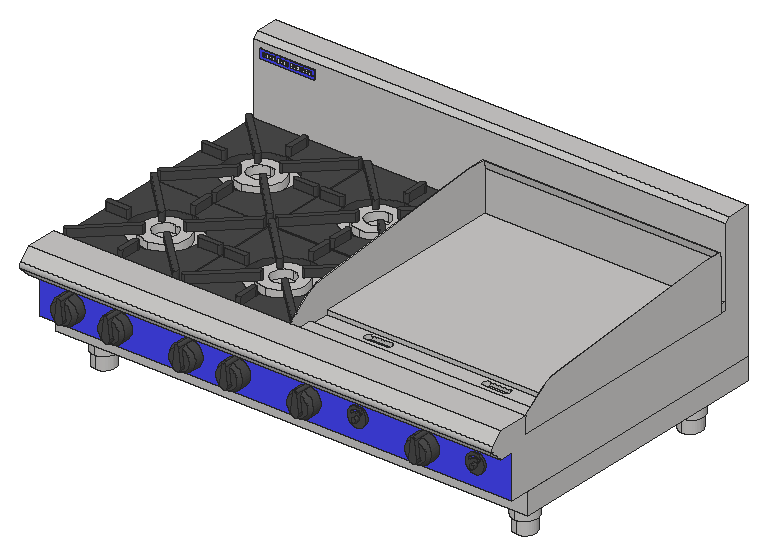
Revit family "QF_MOFFAT_BLUESEAL_CE_G518B-B", category Specialty Equipment, Revit 2012
Parameters
  Width = 1200 mm  # constant formula
  Weight in Pounds = 347  # constant formula
  URL Cutsheet = "www.moffat.com"
  URL = "www.moffat.com"
  Type Mark [instance] = ""
  Status [instance] = ""
  Specification by User [instance] = ""
  Specification by Manufacturer = ""
  Show Logo [instance] = yes
  Serial Number = ""
  Seismic Rating = ""
  SMACNA No = ""
  Revision Code [instance] = ""
  Omniclass Number and Title = ""
  NAFEM Spec ID Number = ""
  Model = "G518B-B"
  Mechanical Remarks [instance] = ""
  Mechanical Connection Type [instance] = ""
  Masterspec = ""
  Manufacturer = "MOFFAT BLUESEAL"
  Item Number [instance] = ""
  Installed By [instance] = ""
  Identify Quantity as Lot [instance] = yes
  Height = 485 mm  # constant formula
  Gas Size = 3/4"
  Gas RI Height [instance] = 0 mm
  Gas KW [instance] = 42.2
  Gas Input [instance] = 144068.0 Btu/h
  Gas Connection Height = 0 mm
  Furnished By [instance] = ""
  Foodservice Equipment Identifier [instance] = yes
  Description = "1200MM GAS COOK TOP BENCH MOUNT"
  Depth = 812 mm  # constant formula
  CSI MasterFormat = ""
  CSI Master Format = ""
Reference planes
  plane 1 "BACK": y = 0
  plane 2: z = 0
  plane 3 "LEFT": x = 0
  plane 4 "RIGHT": x = 1200
  plane 5 "FRONT": y = -812
  plane 6 "TOP": z = 370
  plane 7 "Center Y": x = 600
  plane 8 "Center X": y = -406
  plane 9: z = 485
  plane 10: z = 315
Forms (mm)
  Revolve 1, solid, material "QF_Finishes_Stainless Steel"
    sketch origin (65.5, -728, 0) x (0, 1, 0) y (0, 0, 1)
      loop
        line (71.25, 85) -> (71.25, 35) -> (75.5, 35) -> (75.5, 0) -> (103, 0) -> (103, 85) -> (71.25, 85)
      axis (103, 85) -> (103, 0)
    angle from 0 to 360
  Revolve 2, solid, material "QF_Finishes_Stainless Steel"
    sketch origin (65.5, -210, 0) x (0, 1, 0) y (0, 0, 1)
      loop
        line (78.25, 85) -> (78.25, 35) -> (82.5, 35) -> (82.5, 0) -> (110, 0) -> (110, 85) -> (78.25, 85)
      axis (110, 85) -> (110, 0)
    angle from 0 to 360
  Extrusion 3, solid, material "QF_Finishes_Stainless Steel"
    sketch origin (405, 3, -500) x (1, 0, 0) y (0, 1, 0)
      loop
        circle (665, -35) r 13.5
    from 555 to 585
  Revolve 4, solid, material "QF_Finishes_Black"
    sketch origin (89.999, 7, -0.127) x (0, 1, 0) y (0, 0, -1)
      loop
        line (-789, -229.5) -> (-766, -229.5) -> (-766, -202) -> (-756, -202) -> (-756, -197) -> (-800, -197) -> (-800, -223.651) -> (-789, -229.5)
      axis (-800, -197) -> (-756, -197)
    angle from 0 to 360
  Extrusion 5, solid, material "QF_Finishes_Black"
    sketch origin (228.269, 7, 0.031) x (-1, 0, 0) y (0, 0, -1)
      loop
        line (127.85, -186.163) -> (133.27, -229.082)
        arc (133.27, -229.082) -> (138.269, -233.969) -> (143.267, -229.082) r 5
        line (143.267, -229.082) -> (148.756, -184.996)
        arc (148.756, -184.996) -> (137.684, -174.498) -> (127.85, -186.163) r 10.487
    from 759 to 808
  Extrusion 6, solid, material "QF_Finishes_Stainless Steel"
    sketch origin (0, 0, 0) x (0, 1, 0) y (0, 0, 1)
      loop
        line (-784.97, 250) -> (-749, 250) -> (-749, 140) -> (0, 140) -> (0, 485) -> (-57.5, 485) -> (-70, 472.5) -> (-70, 275) -> (-705, 275) -> (-705, 315) -> (-783.97, 315) -> (-808.498, 290.472)
        arc (-808.498, 290.472) -> (-812.007, 282) -> (-808.498, 273.528) r 11.982
        line (-808.498, 273.528) -> (-784.97, 250)
      loop
        line (0, 85) -> (0, 139.206) -> (-699, 139.206) -> (-699, 85) -> (0, 85)
    from 0 to 1200
  Revolve 7, solid, material "QF_Finishes_Black"
    sketch origin (210, 7, 0) x (0, 1, 0) y (0, 0, -1)
      loop
        line (-789, -229.5) -> (-766, -229.5) -> (-766, -202) -> (-756, -202) -> (-756, -197) -> (-800, -197) -> (-800, -223.651) -> (-789, -229.5)
      axis (-800, -197) -> (-756, -197)
    angle from 0 to 360
  Extrusion 8, solid, material "QF_Finishes_Black"
    sketch origin (348.27, 7, 0.158) x (-1, 0, 0) y (0, 0, -1)
      loop
        line (127.85, -186.163) -> (133.27, -229.082)
        arc (133.27, -229.082) -> (138.269, -233.969) -> (143.267, -229.082) r 5
        line (143.267, -229.082) -> (148.756, -184.996)
        arc (148.756, -184.996) -> (137.684, -174.498) -> (127.85, -186.163) r 10.487
    from 759 to 808
  Revolve 9, solid, material "QF_Finishes_Stainless Steel"
    sketch origin (1134.5, -728, 0) x (0, 1, 0) y (0, 0, -1)
      loop
        line (71.25, -85) -> (103, -85) -> (103, 0) -> (75.5, 0) -> (75.5, -35) -> (71.25, -35) -> (71.25, -85)
      axis (103, -85) -> (103, 0)
    angle from 0 to 360
  Revolve 10, solid, material "QF_Finishes_Stainless Steel"
    sketch origin (1134.5, -210, 0) x (0, 1, 0) y (0, 0, -1)
      loop
        line (78.25, -85) -> (110, -85) -> (110, 0) -> (82.5, 0) -> (82.5, -35) -> (78.25, -35) -> (78.25, -85)
      axis (110, -85) -> (110, 0)
    angle from 0 to 360
  Revolve 11, solid, material "QF_Finishes_Black"
    sketch origin (389.999, 7, -0.127) x (0, 1, 0) y (0, 0, -1)
      loop
        line (-789, -229.5) -> (-766, -229.5) -> (-766, -202) -> (-756, -202) -> (-756, -197) -> (-800, -197) -> (-800, -223.651) -> (-789, -229.5)
      axis (-800, -197) -> (-756, -197)
    angle from 0 to 360
  Extrusion 12, solid, material "QF_Finishes_Black"
    sketch origin (528.269, 7, 0.031) x (-1, 0, 0) y (0, 0, -1)
      loop
        line (127.85, -186.163) -> (133.27, -229.082)
        arc (133.27, -229.082) -> (138.269, -233.969) -> (143.267, -229.082) r 5
        line (143.267, -229.082) -> (148.756, -184.996)
        arc (148.756, -184.996) -> (137.684, -174.498) -> (127.85, -186.163) r 10.487
    from 759 to 808
  Revolve 13, solid, material "QF_Finishes_Black"
    sketch origin (689.999, 7, -0.127) x (0, 1, 0) y (0, 0, -1)
      loop
        line (-789, -229.5) -> (-766, -229.5) -> (-766, -202) -> (-756, -202) -> (-756, -197) -> (-800, -197) -> (-800, -223.651) -> (-789, -229.5)
      axis (-800, -197) -> (-756, -197)
    angle from 0 to 360
  Extrusion 14, solid, material "QF_Finishes_Black"
    sketch origin (828.269, 7, 0.031) x (-1, 0, 0) y (0, 0, -1)
      loop
        line (127.85, -186.163) -> (133.27, -229.082)
        arc (133.27, -229.082) -> (138.269, -233.969) -> (143.267, -229.082) r 5
        line (143.267, -229.082) -> (148.756, -184.996)
        arc (148.756, -184.996) -> (137.684, -174.498) -> (127.85, -186.163) r 10.487
    from 759 to 808
  Revolve 15, solid, material "QF_Finishes_Black"
    sketch origin (989.999, 7, -0.127) x (0, 1, 0) y (0, 0, -1)
      loop
        line (-789, -229.5) -> (-766, -229.5) -> (-766, -202) -> (-756, -202) -> (-756, -197) -> (-800, -197) -> (-800, -223.651) -> (-789, -229.5)
      axis (-800, -197) -> (-756, -197)
    angle from 0 to 360
  Extrusion 16, solid, material "QF_Finishes_Black"
    sketch origin (1128.269, 7, 0.031) x (-1, 0, 0) y (0, 0, -1)
      loop
        line (127.85, -186.163) -> (133.27, -229.082)
        arc (133.27, -229.082) -> (138.269, -233.969) -> (143.267, -229.082) r 5
        line (143.267, -229.082) -> (148.756, -184.996)
        arc (148.756, -184.996) -> (137.684, -174.498) -> (127.85, -186.163) r 10.487
    from 759 to 808
  Extrusion 17, solid, material "QF_Finishes_Black"
    sketch origin (0, -749, 266) x (0, 0, -1) y (1, 0, 0)
      loop
        circle (69, 810) r 23.9
      loop
        arc (61.641, 818.419) -> (62.501, 823.219) -> (57.701, 824.079) r 3.448
        arc (57.701, 824.079) -> (51.116, 809.341) -> (58.919, 795.209) r 18.095
        arc (58.919, 795.209) -> (63.641, 796.491) -> (62.326, 801.204) r 3.448
        arc (62.326, 801.204) -> (58.758, 809.683) -> (61.641, 818.419) r 13.109
      loop
        circle (69, 1110) r 23.9
      loop
        arc (61.641, 1118.419) -> (62.501, 1123.219) -> (57.701, 1124.079) r 3.448
        arc (57.701, 1124.079) -> (51.116, 1109.341) -> (58.919, 1095.209) r 18.095
        arc (58.919, 1095.209) -> (63.641, 1096.491) -> (62.326, 1101.204) r 3.448
        arc (62.326, 1101.204) -> (58.758, 1109.683) -> (61.641, 1118.419) r 13.109
    from 0 to 5
  Extrusion 18, solid, material "QF_Finishes_Black"
    sketch origin (0, -754, 266) x (0, 0, -1) y (1, 0, 0)
      loop
        circle (72.5, 1110) r 5.75
      loop
        circle (72.5, 810) r 5.75
    from 0 to 10
  Revolve 19, solid, material "QF_Finishes_Black"
    sketch origin (510, 7, 0) x (0, 1, 0) y (0, 0, -1)
      loop
        line (-789, -229.5) -> (-766, -229.5) -> (-766, -202) -> (-756, -202) -> (-756, -197) -> (-800, -197) -> (-800, -223.651) -> (-789, -229.5)
      axis (-800, -197) -> (-756, -197)
    angle from 0 to 360
  Extrusion 20, solid, material "QF_Finishes_Black"
    sketch origin (648.27, 7, 0.158) x (-1, 0, 0) y (0, 0, -1)
      loop
        line (127.85, -186.163) -> (133.27, -229.082)
        arc (133.27, -229.082) -> (138.269, -233.969) -> (143.267, -229.082) r 5
        line (143.267, -229.082) -> (148.756, -184.996)
        arc (148.756, -184.996) -> (137.684, -174.498) -> (127.85, -186.163) r 10.487
    from 759 to 808
Lines and regions (mm)
  Split face 1
    outline origin (0, 0, 485) x (0, -1, 0) y (1, 0, 0)
      loop
        arc (18.185, 32.794) -> (23.185, 24.134) -> (33.185, 24.134) r 10
        line (33.185, 24.134) -> (40.185, 28.176)
        arc (40.185, 28.176) -> (43.845, 31.836) -> (45.185, 36.836) r 10
        line (45.185, 36.836) -> (45.185, 264.794)
        arc (45.185, 264.794) -> (40.185, 273.455) -> (30.185, 273.455) r 10
        line (30.185, 273.455) -> (23.185, 269.413)
        arc (23.185, 269.413) -> (19.525, 265.753) -> (18.185, 260.753) r 10
        line (18.185, 260.753) -> (18.185, 32.794)
  Split face 2
    outline origin (0, 0, 485) x (0, -1, 0) y (1, 0, 0)
      loop
        arc (18.185, 332.794) -> (23.185, 324.134) -> (33.185, 324.134) r 10
        line (33.185, 324.134) -> (40.185, 328.176)
        arc (40.185, 328.176) -> (43.845, 331.836) -> (45.185, 336.836) r 10
        line (45.185, 336.836) -> (45.185, 564.794)
        arc (45.185, 564.794) -> (40.185, 573.455) -> (30.185, 573.455) r 10
        line (30.185, 573.455) -> (23.185, 569.413)
        arc (23.185, 569.413) -> (19.525, 565.753) -> (18.185, 560.753) r 10
        line (18.185, 560.753) -> (18.185, 332.794)
  Split face 3
    outline origin (0, 0, 485) x (0, -1, 0) y (1, 0, 0)
      loop
        arc (45.185, 1164.794) -> (40.185, 1173.455) -> (30.185, 1173.455) r 10
        line (30.185, 1173.455) -> (23.185, 1169.413)
        arc (23.185, 1169.413) -> (19.525, 1165.753) -> (18.185, 1160.753) r 10
        line (18.185, 1160.753) -> (18.185, 932.794)
        arc (18.185, 932.794) -> (23.185, 924.134) -> (33.185, 924.134) r 10
        line (33.185, 924.134) -> (40.185, 928.176)
        arc (40.185, 928.176) -> (43.845, 931.836) -> (45.185, 936.836) r 10
        line (45.185, 936.836) -> (45.185, 1164.794)
  Split face 4
    outline origin (0, 0, 485) x (0, -1, 0) y (1, 0, 0)
      loop
        line (45.185, 636.836) -> (45.185, 864.794)
        arc (45.185, 864.794) -> (40.185, 873.455) -> (30.185, 873.455) r 10
        line (30.185, 873.455) -> (23.185, 869.413)
        arc (23.185, 869.413) -> (19.525, 865.753) -> (18.185, 860.753) r 10
        line (18.185, 860.753) -> (18.185, 632.794)
        arc (18.185, 632.794) -> (23.185, 624.134) -> (33.185, 624.134) r 10
        line (33.185, 624.134) -> (40.185, 628.176)
        arc (40.185, 628.176) -> (43.845, 631.836) -> (45.185, 636.836) r 10
  symbolic lines
    curve 1: line (0, 0, 0) -> (0, -812, 0)
    curve 2: line (1200, 0, 0) -> (0, 0, 0)
    curve 3: line (1200, -812, 0) -> (1200, 0, 0)
    curve 4: line (0, -70, 0) -> (1200, -70, 0)
    curve 5: line (0, -812, 0) -> (1200, -812, 0)
    curve 6: line (1200, -705, 0) -> (0, -705, 0)
    curve 7: line (0, -783.97, 0) -> (1200, -783.97, 0)
    curve 8: line (36.836, -45.185, 0) -> (264.794, -45.185, 0)
    curve 9: arc (264.794, -45.185, 0) -> (273.455, -40.185, 0) -> (273.455, -30.185, 0) r 10
    curve 10: line (273.455, -30.185, 0) -> (269.413, -23.185, 0)
    curve 11: arc (269.413, -23.185, 0) -> (265.753, -19.525, 0) -> (260.753, -18.185, 0) r 10
    curve 12: line (260.753, -18.185, 0) -> (32.794, -18.185, 0)
    curve 13: arc (32.794, -18.185, 0) -> (24.134, -23.185, 0) -> (24.134, -33.185, 0) r 10
    curve 14: line (24.134, -33.185, 0) -> (28.176, -40.185, 0)
    curve 15: arc (28.176, -40.185, 0) -> (31.836, -43.845, 0) -> (36.836, -45.185, 0) r 10
    curve 16: line (336.836, -45.185, 0) -> (564.794, -45.185, 0)
    curve 17: arc (564.794, -45.185, 0) -> (573.455, -40.185, 0) -> (573.455, -30.185, 0) r 10
    curve 18: line (573.455, -30.185, 0) -> (569.413, -23.185, 0)
    curve 19: arc (569.413, -23.185, 0) -> (565.753, -19.525, 0) -> (560.753, -18.185, 0) r 10
    curve 20: line (560.753, -18.185, 0) -> (332.794, -18.185, 0)
    curve 21: arc (332.794, -18.185, 0) -> (324.134, -23.185, 0) -> (324.134, -33.185, 0) r 10
    curve 22: line (324.134, -33.185, 0) -> (328.176, -40.185, 0)
    curve 23: arc (328.176, -40.185, 0) -> (331.836, -43.845, 0) -> (336.836, -45.185, 0) r 10
    curve 24: line (0, -57.5, 0) -> (1200, -57.5, 0)
    curve 25: line (860.753, -18.185, 0) -> (632.794, -18.185, 0)
    curve 26: arc (632.794, -18.185, 0) -> (624.134, -23.185, 0) -> (624.134, -33.185, 0) r 10
    curve 27: line (624.134, -33.185, 0) -> (628.176, -40.185, 0)
    curve 28: arc (628.176, -40.185, 0) -> (631.836, -43.845, 0) -> (636.836, -45.185, 0) r 10
    curve 29: line (636.836, -45.185, 0) -> (864.794, -45.185, 0)
    curve 30: arc (864.794, -45.185, 0) -> (873.455, -40.185, 0) -> (873.455, -30.185, 0) r 10
    curve 31: line (873.455, -30.185, 0) -> (869.413, -23.185, 0)
    curve 32: arc (869.413, -23.185, 0) -> (865.753, -19.525, 0) -> (860.753, -18.185, 0) r 10
    curve 33: line (932.794, -18.185, 0) -> (1160.753, -18.185, 0)
    curve 34: arc (1160.753, -18.185, 0) -> (1165.753, -19.525, 0) -> (1169.413, -23.185, 0) r 10
    curve 35: line (1169.413, -23.185, 0) -> (1173.455, -30.185, 0)
    curve 36: arc (1173.455, -30.185, 0) -> (1173.455, -40.185, 0) -> (1164.794, -45.185, 0) r 10
    curve 37: line (1164.794, -45.185, 0) -> (936.836, -45.185, 0)
    curve 38: arc (936.836, -45.185, 0) -> (931.836, -43.845, 0) -> (928.176, -40.185, 0) r 10
    curve 39: line (928.176, -40.185, 0) -> (924.134, -33.185, 0)
    curve 40: arc (924.134, -33.185, 0) -> (924.134, -23.185, 0) -> (932.794, -18.185, 0) r 10
Dimensions and locks
  equal spacing: plane 3 "LEFT", plane 7 "Center Y", plane 4 "RIGHT"
  "Width": plane 3 "LEFT" to plane 4 "RIGHT"
  equal spacing: plane 5 "FRONT", plane 8 "Center X", plane 1 "BACK"
  "Depth": plane 5 "FRONT" to plane 1 "BACK"
  equal spacing: plane 4 "RIGHT", plane 7 "Center Y", plane 3 "LEFT"
  plane 4 "RIGHT" to plane 3 "LEFT" = 1200 mm
  Extrusion 3 to level = 55 mm
  Extrusion 3 to plane 1 "BACK" = 32 mm
  plane 5 "FRONT" to plane 1 "BACK" = 812 mm
  "Height": plane 9 to level
  plane 10 to level = 315 mm
  Extrusion 3 sketch curve to plane 4 "RIGHT" = 130 mm
  Extrusion 3 sketch curve to plane 1 "BACK" = 32 mm
  aligned and locked: level to plane 2
  aligned and locked: curve 3 to plane 4 "RIGHT"
  aligned and locked: Extrusion 6 to plane 4 "RIGHT"
Automatic sketch dimensions
  plane 1 "BACK" to curve 1 = 0 mm
  curve 1 to plane 3 "LEFT" = 0 mm
  plane 5 "FRONT" to curve 1 = 0 mm
  plane 3 "LEFT" to curve 14 = 24.134 mm
  curve 14 to curve 15 = 4.041 mm
  curve 13 to curve 13 = 8.66 mm
  curve 13 to curve 15 = 4.041 mm
  plane 1 "BACK" to curve 11 = 18.185 mm
  curve 15 to curve 11 = 223.917 mm
  curve 11 to curve 9 = 4.041 mm  (x2)
  plane 1 "BACK" to curve 10 = 23.185 mm
  curve 11 to curve 10 = 8.66 mm
  plane 1 "BACK" to curve 22 = 33.185 mm
  curve 9 to curve 22 = 50.679 mm
  plane 1 "BACK" to curve 22 = 40.185 mm
  curve 22 to curve 22 = 4.041 mm
  curve 21 to curve 21 = 8.66 mm
  curve 23 to curve 16 = 8.66 mm
  plane 1 "BACK" to curve 20 = 18.185 mm
  curve 20 to plane 7 "Center Y" = 39.247 mm
  curve 19 to curve 17 = 4.041 mm
  curve 20 to curve 19 = 8.66 mm
  curve 18 to curve 17 = 4.041 mm
  plane 7 "Center Y" to curve 26 = 24.134 mm
  curve 26 to curve 27 = 4.041 mm
  curve 26 to curve 26 = 8.66 mm
  curve 28 to curve 29 = 8.66 mm
  plane 1 "BACK" to curve 32 = 18.185 mm
  curve 28 to curve 32 = 223.917 mm
  curve 32 to curve 30 = 4.041 mm
  plane 1 "BACK" to curve 31 = 23.185 mm
  curve 32 to curve 31 = 8.66 mm
  plane 1 "BACK" to curve 31 = 30.185 mm
  curve 31 to curve 31 = 4.041 mm
  plane 1 "BACK" to curve 39 = 33.185 mm
  curve 31 to curve 39 = 50.679 mm
  curve 39 to curve 38 = 4.041 mm
  curve 39 to curve 33 = 8.66 mm
  curve 40 to curve 38 = 4.041 mm
  plane 1 "BACK" to curve 34 = 18.185 mm
  plane 4 "RIGHT" to curve 34 = 39.247 mm
  curve 34 to curve 37 = 4.041 mm
  plane 1 "BACK" to curve 35 = 23.185 mm
  curve 34 to curve 35 = 8.66 mm
  curve 34 to curve 35 = 4.041 mm
  curve 7 to plane 5 "FRONT" = 28.03 mm
  curve 7 to curve 6 = 78.97 mm
  curve 4 to curve 13 = 51.815 mm
  curve 4 to curve 24 = 12.5 mm
  curve 17 to curve 20 = 27 mm
  curve 15 to curve 12 = 27 mm
  curve 38 to curve 39 = 12 mm
  curve 29 to curve 30 = 15 mm
  curve 29 to curve 28 = 5 mm
  curve 8 to curve 14 = 5 mm
  curve 38 to curve 39 = 7 mm
  curve 17 to curve 17 = 10 mm
  curve 9 to curve 11 = 7 mm
  curve 36 to curve 34 = 7 mm
  curve 27 to curve 27 = 7 mm
  curve 14 to curve 13 = 7 mm
  curve 17 to curve 19 = 7 mm
  Revolve 1 sketch curve to level = 0 mm
  level to Revolve 1 sketch curve = 35 mm
  Revolve 1 sketch curve to plane 5 "FRONT" = 155.25 mm
  Revolve 1 sketch curve to Revolve 1 sketch curve = 4.25 mm
  Revolve 1 sketch curve to Revolve 1 sketch curve = 27.5 mm  (x2)
  Revolve 1 sketch curve to Revolve 1 sketch curve = 55 mm
  Revolve 1 sketch curve to Revolve 1 sketch curve = 15 mm
  Revolve 1 sketch curve to Revolve 1 sketch curve = 35 mm
  Revolve 2 sketch curve to level = 0 mm
  level to Revolve 2 sketch curve = 35 mm
  plane 1 "BACK" to Revolve 2 sketch curve = 131.75 mm
  Revolve 2 sketch curve to Revolve 2 sketch curve = 4.25 mm
  Revolve 2 sketch curve to Revolve 2 sketch curve = 27.5 mm  (x2)
  Revolve 2 sketch curve to Revolve 2 sketch curve = 55 mm
  Revolve 2 sketch curve to Revolve 2 sketch curve = 15 mm
  Revolve 2 sketch curve to Revolve 2 sketch curve = 35 mm
  Revolve 4 sketch curve to plane 5 "FRONT" = 19 mm
  Revolve 4 sketch curve to Revolve 4 sketch curve = 0 mm  (x2)
  Revolve 4 sketch curve to Revolve 4 sketch curve = 11 mm
  Revolve 4 sketch curve to Revolve 4 sketch curve = 12.7 mm
  Revolve 4 sketch curve to Revolve 4 sketch curve = 23 mm
  Revolve 4 sketch curve to Revolve 4 sketch curve = 10 mm
  Revolve 4 sketch curve to plane 10 = 85.627 mm
  Revolve 4 sketch curve to Revolve 4 sketch curve = 5.849 mm
  Revolve 4 sketch curve to Revolve 4 sketch curve = 27.5 mm
  Revolve 4 sketch curve to Revolve 4 sketch curve = 5 mm
  plane 3 "LEFT" to Extrusion 5 sketch curve = 100.419 mm
  Extrusion 5 sketch curve to Extrusion 5 sketch curve = 5.421 mm
  Extrusion 5 sketch curve to Extrusion 5 sketch curve = 10.419 mm
  Extrusion 5 sketch curve to Extrusion 5 sketch curve = 4.999 mm  (x2)
  Extrusion 5 sketch curve to Extrusion 5 sketch curve = 10.487 mm
  Extrusion 5 sketch curve to plane 10 = 85.887 mm
  Extrusion 5 sketch curve to Extrusion 5 sketch curve = 0.113 mm
  Extrusion 5 sketch curve to Extrusion 5 sketch curve = 42.919 mm
  Extrusion 5 sketch curve to Extrusion 5 sketch curve = 1.167 mm
  Extrusion 6 sketch curve to plane 10 = 0 mm
  plane 9 to Extrusion 6 sketch curve = 0 mm
  Extrusion 6 sketch curve to plane 1 "BACK" = 0 mm  (x2)
  plane 1 "BACK" to Extrusion 6 sketch curve = 57.5 mm
  plane 9 to Extrusion 6 sketch curve = 12.5 mm
  Extrusion 6 sketch curve to Extrusion 6 sketch curve = 12.5 mm
  Extrusion 6 sketch curve to plane 5 "FRONT" = 113 mm
  Extrusion 6 sketch curve to plane 5 "FRONT" = 107 mm
  Extrusion 6 sketch curve to Extrusion 6 sketch curve = 50 mm
  Extrusion 6 sketch curve to plane 5 "FRONT" = 28.03 mm
  Extrusion 6 sketch curve to plane 5 "FRONT" = 27.03 mm
  Extrusion 6 sketch curve to plane 5 "FRONT" = 11.975 mm
  Extrusion 6 sketch curve to plane 5 "FRONT" = 3.502 mm  (x2)
  Extrusion 6 sketch curve to plane 10 = 24.528 mm
  Extrusion 6 sketch curve to Extrusion 6 sketch curve = 8.472 mm
  Extrusion 6 sketch curve to Extrusion 6 sketch curve = 40 mm
  Extrusion 6 sketch curve to Extrusion 6 sketch curve = 23.528 mm
  Extrusion 6 sketch curve to Extrusion 6 sketch curve = 110 mm
  Extrusion 6 sketch curve to Extrusion 6 sketch curve = 0.794 mm
  Extrusion 6 sketch curve to Extrusion 6 sketch curve = 54.206 mm
  Split face 1 sketch curve to Extrusion 6 = 18.185 mm
  Split face 1 sketch curve to Split face 1 sketch curve = 5 mm  (x3)
  Split face 1 sketch curve to Split face 1 sketch curve = 10 mm  (x2)
  Split face 1 sketch curve to Split face 1 sketch curve = 7 mm  (x4)
  Split face 1 sketch curve to Extrusion 6 = 24.134 mm
  Split face 1 sketch curve to Split face 1 sketch curve = 4.041 mm  (x2)
  Split face 1 sketch curve to Split face 1 sketch curve = 223.917 mm
  Split face 2 sketch curve to Extrusion 6 = 18.185 mm
  Split face 2 sketch curve to Split face 2 sketch curve = 5 mm  (x4)
  Split face 2 sketch curve to Split face 2 sketch curve = 10 mm
  Split face 2 sketch curve to Split face 2 sketch curve = 7 mm  (x4)
  Split face 2 sketch curve to Extrusion 6 = 324.134 mm
  Split face 2 sketch curve to Split face 2 sketch curve = 4.041 mm  (x2)
  Split face 2 sketch curve to Split face 2 sketch curve = 223.917 mm
  Split face 3 sketch curve to Extrusion 6 = 18.185 mm
  Split face 3 sketch curve to Split face 3 sketch curve = 5 mm  (x3)
  Split face 3 sketch curve to Split face 3 sketch curve = 10 mm  (x2)
  Split face 3 sketch curve to Split face 3 sketch curve = 7 mm  (x4)
  Split face 3 sketch curve to Extrusion 6 = 275.866 mm
  Split face 3 sketch curve to Split face 3 sketch curve = 4.041 mm  (x2)
  Split face 3 sketch curve to Extrusion 6 = 39.247 mm
  Revolve 7 sketch curve to plane 5 "FRONT" = 19 mm
  Revolve 7 sketch curve to Revolve 7 sketch curve = 0 mm  (x2)
  Revolve 7 sketch curve to Revolve 7 sketch curve = 11 mm
  Revolve 7 sketch curve to Revolve 7 sketch curve = 12.7 mm
  Revolve 7 sketch curve to Revolve 7 sketch curve = 23 mm
  Revolve 7 sketch curve to Revolve 7 sketch curve = 10 mm
  Revolve 7 sketch curve to plane 10 = 85.5 mm
  Revolve 7 sketch curve to Revolve 7 sketch curve = 5.849 mm
  Revolve 7 sketch curve to Revolve 7 sketch curve = 27.5 mm
  Revolve 7 sketch curve to Revolve 7 sketch curve = 5 mm
  plane 3 "LEFT" to Extrusion 8 sketch curve = 220.42 mm
  Extrusion 8 sketch curve to Extrusion 8 sketch curve = 5.421 mm
  Extrusion 8 sketch curve to Extrusion 8 sketch curve = 10.419 mm
  Extrusion 8 sketch curve to Extrusion 8 sketch curve = 4.999 mm  (x2)
  Extrusion 8 sketch curve to plane 10 = 85.76 mm
  Extrusion 8 sketch curve to Extrusion 8 sketch curve = 10.487 mm
  Extrusion 8 sketch curve to Extrusion 8 sketch curve = 0.113 mm
  Extrusion 8 sketch curve to Extrusion 8 sketch curve = 42.919 mm
  Extrusion 8 sketch curve to Extrusion 8 sketch curve = 1.167 mm
  Revolve 9 sketch curve to level = 0 mm
  level to Revolve 9 sketch curve = 35 mm
  Revolve 9 sketch curve to plane 5 "FRONT" = 155.25 mm
  Revolve 9 sketch curve to Revolve 9 sketch curve = 4.25 mm
  Revolve 9 sketch curve to Revolve 9 sketch curve = 27.5 mm  (x2)
  Revolve 9 sketch curve to Revolve 9 sketch curve = 15 mm
  Revolve 9 sketch curve to Revolve 9 sketch curve = 35 mm
  Revolve 9 sketch curve to level = 55 mm
  Revolve 10 sketch curve to level = 0 mm
  level to Revolve 10 sketch curve = 35 mm
  plane 1 "BACK" to Revolve 10 sketch curve = 131.75 mm
  Revolve 10 sketch curve to Revolve 10 sketch curve = 4.25 mm
  Revolve 10 sketch curve to Revolve 10 sketch curve = 27.5 mm  (x2)
  Revolve 10 sketch curve to Revolve 10 sketch curve = 15 mm
  Revolve 10 sketch curve to Revolve 10 sketch curve = 35 mm
  Revolve 10 sketch curve to level = 55 mm
  Revolve 11 sketch curve to plane 5 "FRONT" = 19 mm
  Revolve 11 sketch curve to Revolve 11 sketch curve = 0 mm  (x2)
  Revolve 11 sketch curve to Revolve 11 sketch curve = 11 mm
  Revolve 11 sketch curve to Revolve 11 sketch curve = 12.7 mm
  Revolve 11 sketch curve to Revolve 11 sketch curve = 23 mm
  Revolve 11 sketch curve to Revolve 11 sketch curve = 10 mm
  Revolve 11 sketch curve to plane 10 = 85.627 mm
  Revolve 11 sketch curve to Revolve 11 sketch curve = 5.849 mm
  Revolve 11 sketch curve to Revolve 11 sketch curve = 27.5 mm
  Revolve 11 sketch curve to Revolve 11 sketch curve = 5 mm
  Extrusion 12 sketch curve to plane 7 "Center Y" = 199.581 mm
  Extrusion 12 sketch curve to Extrusion 12 sketch curve = 5.421 mm
  Extrusion 12 sketch curve to Extrusion 12 sketch curve = 10.419 mm
  Extrusion 12 sketch curve to Extrusion 12 sketch curve = 4.999 mm  (x2)
  Extrusion 12 sketch curve to plane 10 = 85.887 mm
  Extrusion 12 sketch curve to Extrusion 12 sketch curve = 10.487 mm
  Extrusion 12 sketch curve to Extrusion 12 sketch curve = 0.113 mm
  Extrusion 12 sketch curve to Extrusion 12 sketch curve = 42.919 mm
  Extrusion 12 sketch curve to Extrusion 12 sketch curve = 1.167 mm
  Revolve 13 sketch curve to plane 5 "FRONT" = 19 mm
  Revolve 13 sketch curve to Revolve 13 sketch curve = 0 mm  (x2)
  Revolve 13 sketch curve to Revolve 13 sketch curve = 11 mm
  Revolve 13 sketch curve to Revolve 13 sketch curve = 12.7 mm
  Revolve 13 sketch curve to Revolve 13 sketch curve = 23 mm
  Revolve 13 sketch curve to Revolve 13 sketch curve = 10 mm
  Revolve 13 sketch curve to plane 10 = 85.627 mm
  Revolve 13 sketch curve to Revolve 13 sketch curve = 5.849 mm
  Revolve 13 sketch curve to Revolve 13 sketch curve = 27.5 mm
  Revolve 13 sketch curve to Revolve 13 sketch curve = 5 mm
  plane 7 "Center Y" to Extrusion 14 sketch curve = 100.419 mm
  Extrusion 14 sketch curve to Extrusion 14 sketch curve = 5.421 mm
  Extrusion 14 sketch curve to Extrusion 14 sketch curve = 10.419 mm
  Extrusion 14 sketch curve to Extrusion 14 sketch curve = 4.999 mm  (x2)
  Extrusion 14 sketch curve to Extrusion 14 sketch curve = 10.487 mm
  Extrusion 14 sketch curve to plane 10 = 85.887 mm
  Extrusion 14 sketch curve to Extrusion 14 sketch curve = 0.113 mm
  Extrusion 14 sketch curve to Extrusion 14 sketch curve = 42.919 mm
  Extrusion 14 sketch curve to Extrusion 14 sketch curve = 1.167 mm
  Revolve 15 sketch curve to plane 5 "FRONT" = 19 mm
  Revolve 15 sketch curve to Revolve 15 sketch curve = 0 mm  (x2)
  Revolve 15 sketch curve to Revolve 15 sketch curve = 11 mm
  Revolve 15 sketch curve to Revolve 15 sketch curve = 12.7 mm
  Revolve 15 sketch curve to Revolve 15 sketch curve = 23 mm
  Revolve 15 sketch curve to Revolve 15 sketch curve = 10 mm
  Revolve 15 sketch curve to plane 10 = 85.627 mm
  Revolve 15 sketch curve to Revolve 15 sketch curve = 5.849 mm
  Revolve 15 sketch curve to Revolve 15 sketch curve = 27.5 mm
  Revolve 15 sketch curve to Revolve 15 sketch curve = 5 mm
  plane 4 "RIGHT" to Extrusion 16 sketch curve = 199.581 mm
  Extrusion 16 sketch curve to Extrusion 16 sketch curve = 5.421 mm
  Extrusion 16 sketch curve to Extrusion 16 sketch curve = 10.419 mm
  Extrusion 16 sketch curve to Extrusion 16 sketch curve = 4.999 mm  (x2)
  Extrusion 16 sketch curve to plane 10 = 85.887 mm
  Extrusion 16 sketch curve to Extrusion 16 sketch curve = 10.487 mm
  Extrusion 16 sketch curve to Extrusion 16 sketch curve = 0.113 mm
  Extrusion 16 sketch curve to Extrusion 16 sketch curve = 42.919 mm
  Extrusion 16 sketch curve to Extrusion 16 sketch curve = 1.167 mm
  Split face 4 sketch curve to Extrusion 6 = 18.185 mm
  Split face 4 sketch curve to Split face 4 sketch curve = 5 mm  (x3)
  Split face 4 sketch curve to Split face 4 sketch curve = 10 mm  (x2)
  Split face 4 sketch curve to Split face 4 sketch curve = 7 mm  (x4)
  Split face 4 sketch curve to Extrusion 6 = 575.866 mm
  Split face 4 sketch curve to Split face 4 sketch curve = 4.041 mm  (x2)
  Split face 4 sketch curve to Split face 4 sketch curve = 223.917 mm
  Extrusion 6 to Extrusion 17 sketch curve = 41.701 mm  (x2)
  Extrusion 17 sketch curve to Extrusion 17 sketch curve = 1.218 mm  (x2)
  Extrusion 17 sketch curve to Extrusion 17 sketch curve = 1.97 mm  (x4)
  Extrusion 17 sketch curve to Extrusion 17 sketch curve = 1.724 mm  (x2)
  Extrusion 17 sketch curve to Extrusion 17 sketch curve = 1.683 mm  (x2)
  Extrusion 17 sketch curve to Extrusion 17 sketch curve = 6.674 mm  (x2)
  Extrusion 17 sketch curve to Extrusion 17 sketch curve = 0.195 mm  (x2)
  Extrusion 17 sketch curve to Extrusion 17 sketch curve = 2.662 mm  (x2)
  Extrusion 6 to Extrusion 17 sketch curve = 404.791 mm
  Extrusion 17 sketch curve to Extrusion 17 sketch curve = 2.986 mm  (x2)
  Extrusion 17 sketch curve to Extrusion 17 sketch curve = 8.796 mm  (x2)
  Extrusion 17 sketch curve to Extrusion 17 sketch curve = 0.103 mm  (x2)
  Extrusion 17 sketch curve to Extrusion 17 sketch curve = 0.102 mm  (x2)
  Extrusion 6 to Extrusion 17 sketch curve = 104.791 mm
  Extrusion 18 sketch curve to Extrusion 18 sketch curve = 0 mm
  Extrusion 18 sketch curve to Extrusion 18 sketch curve = 300 mm
  Revolve 19 sketch curve to plane 5 "FRONT" = 19 mm
  Revolve 19 sketch curve to Revolve 19 sketch curve = 0 mm  (x2)
  Revolve 19 sketch curve to Revolve 19 sketch curve = 11 mm
  Revolve 19 sketch curve to Revolve 19 sketch curve = 12.7 mm
  Revolve 19 sketch curve to Revolve 19 sketch curve = 23 mm
  Revolve 19 sketch curve to Revolve 19 sketch curve = 10 mm
  Revolve 19 sketch curve to plane 10 = 85.5 mm
  Revolve 19 sketch curve to Revolve 19 sketch curve = 5.849 mm
  Revolve 19 sketch curve to Revolve 19 sketch curve = 27.5 mm
  Revolve 19 sketch curve to Revolve 19 sketch curve = 5 mm
  Extrusion 20 sketch curve to plane 7 "Center Y" = 79.58 mm
  Extrusion 20 sketch curve to Extrusion 20 sketch curve = 5.421 mm
  Extrusion 20 sketch curve to Extrusion 20 sketch curve = 10.419 mm
  Extrusion 20 sketch curve to Extrusion 20 sketch curve = 4.999 mm  (x2)
  Extrusion 20 sketch curve to plane 10 = 85.76 mm
  Extrusion 20 sketch curve to Extrusion 20 sketch curve = 10.487 mm
  Extrusion 20 sketch curve to Extrusion 20 sketch curve = 0.113 mm
  Extrusion 20 sketch curve to Extrusion 20 sketch curve = 42.919 mm
  Extrusion 20 sketch curve to Extrusion 20 sketch curve = 1.167 mm
  radius of Extrusion 3 sketch curve = 13.5 mm
  radius of Extrusion 17 sketch curve = 23.9 mm  (x2)
  radius of Extrusion 18 sketch curve = 5.75 mm  (x2)
Nested families
  nested 1: "WALDORF LOGO_FACE BASE" at (18.6, -70, 458.604) x (1, 0, 0) z (0, -1, 0), visible <- "Show Logo", type "WALDORF LOGO_FACE BASE", detail levels medium+fine
    with Show Logo yes
  nested 2: "GAS BURNER 600 & GRIDDLE 600" at (0, -70, 274.5), type "GAS BURNER 600 & GRIDDLE 600"
    with Width 1200 mm, Type Mark "", Status "", Specification by User "", Revision Code "", Item Number "", Installed By "", Identify Quantity as Lot yes, Furnished By "", Foodservice Equipment Identifier yes, Depth 635 mm
Connectors
  piping at (1070, -32, 55)
    settings: on Extrusion 3, index 1, connector radius 0.37402", flow factor 0, pipe flow 0 GPM, pressure drop 0.00 psi, fitting loss kfactor 0, connector angle 0.00°, fixture units 0, engagement length 0 mm, flow configuration 1, flow direction 1, fitting loss method 0, system type 7, joint type 0, gender type 0, connector reference index -1, connector utility 0, adjustable connector no, is connector primary yes, fitting loss table "", connector description "GAS CONNECTION"
Definition of nested family "WALDORF LOGO_FACE BASE"
  Parameters (values of type "WALDORF LOGO_FACE BASE")
    Show Logo [instance] = yes
    Default Elevation = 1219.2 mm
  Reference planes
    plane 1 "Center (Front/Back)": y = 0
    plane 2: z = 0
    plane 3 "Center (Left/Right)": x = 0
  Forms (mm)
    Extrusion 1, solid
      sketch origin (0, 0, 0) x (1, 0, 0) y (0, 1, 0)
        loop
          line (-1219.2, 1219.2) -> (-1219.2, -1219.2) -> (1219.2, -1219.2) -> (1219.2, 1219.2) -> (-1219.2, 1219.2)
      from 0 to -304.8
    Extrusion 2, solid, material "QF_Finishes_Blue", visible <- "Show Logo"
      sketch origin (0, -33.217, 0) x (1, 0, 0) y (0, 1, 0)
        loop
          arc (138, 31.942) -> (137.626, 32.844) -> (136.724, 33.217) r 1.276
          line (136.724, 33.217) -> (1.29, 33.217)
          arc (1.29, 33.217) -> (0.378, 32.839) -> (0, 31.927) r 1.29
          line (0, 31.927) -> (0, 11.507)
          arc (0, 11.507) -> (0.378, 10.595) -> (1.29, 10.217) r 1.29
          line (1.29, 10.217) -> (136.71, 10.217)
          arc (136.71, 10.217) -> (137.622, 10.595) -> (138, 11.507) r 1.29
          line (138, 11.507) -> (138, 31.942)
      from 0 to 1.588
    Extrusion 3, solid, material "QF_Finishes_White", visible <- "Show Logo"
      sketch origin (0, -33.217, 1.588) x (1, 0, 0) y (0, 1, 0)
        loop
          arc (108.946, 25.919) -> (107.613, 25.367) -> (107.061, 24.034) r 1.885
          line (107.061, 24.034) -> (107.061, 17.211) -> (112.704, 17.211) -> (112.704, 19.129) -> (115.546, 19.129) -> (115.546, 17.211) -> (121.584, 17.211) -> (121.584, 24.075)
          arc (121.584, 24.075) -> (121.043, 25.379) -> (119.739, 25.919) r 1.845
          line (119.739, 25.919) -> (108.946, 25.919)
        loop
          line (123.478, 25.919) -> (123.478, 17.163) -> (134.904, 17.163) -> (134.904, 19.129) -> (129.246, 19.129) -> (129.246, 25.919) -> (123.478, 25.919)
        loop
          line (112.704, 21.258) -> (115.546, 21.258) -> (115.546, 22.702)
          arc (115.546, 22.702) -> (115.344, 23.188) -> (114.858, 23.389) r 0.687
          line (114.858, 23.389) -> (113.363, 23.389)
          arc (113.363, 23.389) -> (112.897, 23.196) -> (112.704, 22.73) r 0.658
          line (112.704, 22.73) -> (112.704, 21.258)
        loop
          line (105.071, 25.919) -> (93.771, 25.919) -> (93.771, 17.163) -> (105.071, 17.163) -> (105.071, 19.063) -> (99.535, 19.063) -> (99.535, 20.437) -> (105.071, 20.437) -> (105.071, 22.278) -> (99.535, 22.278) -> (99.535, 23.587) -> (105.071, 23.587) -> (105.071, 25.919)
        loop
          line (91.104, 25.919) -> (79.541, 25.919)
          arc (79.541, 25.919) -> (78.558, 25.513) -> (78.152, 24.53) r 1.389
          line (78.152, 24.53) -> (78.152, 22.08)
          arc (78.152, 22.08) -> (78.558, 21.098) -> (79.541, 20.691) r 1.389
          line (79.541, 20.691) -> (86.346, 20.691) -> (86.346, 18.864) -> (83.266, 18.864) -> (83.266, 19.664) -> (78.152, 19.664) -> (78.152, 18.553)
          arc (78.152, 18.553) -> (78.558, 17.57) -> (79.541, 17.163) r 1.389
          line (79.541, 17.163) -> (91.063, 17.163)
          arc (91.063, 17.163) -> (92.045, 17.57) -> (92.452, 18.553) r 1.389
          line (92.452, 18.553) -> (92.452, 20.691)
          arc (92.452, 20.691) -> (92.045, 21.673) -> (91.063, 22.08) r 1.389
          line (91.063, 22.08) -> (83.266, 22.08) -> (83.266, 23.984) -> (86.346, 23.984) -> (86.346, 22.743) -> (92.452, 22.743) -> (92.452, 24.571)
          arc (92.452, 24.571) -> (92.057, 25.524) -> (91.104, 25.919) r 1.348
        loop
          line (70.705, 25.919) -> (59.405, 25.919) -> (59.405, 17.163) -> (70.705, 17.163) -> (70.705, 19.063) -> (65.169, 19.063) -> (65.169, 20.437) -> (70.705, 20.437) -> (70.705, 22.278) -> (65.169, 22.278) -> (65.169, 23.587) -> (70.705, 23.587) -> (70.705, 25.919)
        loop
          line (57.598, 25.919) -> (51.7, 25.919) -> (51.7, 20.18)
          arc (51.7, 20.18) -> (50.63, 19.11) -> (49.56, 20.18) r 1.07
          line (49.56, 20.18) -> (49.56, 25.919) -> (43.663, 25.919) -> (43.663, 19.049)
          arc (43.663, 19.049) -> (44.215, 17.716) -> (45.548, 17.163) r 1.885
          line (45.548, 17.163) -> (55.71, 17.163)
          arc (55.71, 17.163) -> (57.045, 17.716) -> (57.598, 19.051) r 1.887
          line (57.598, 19.051) -> (57.598, 25.919)
        loop
          line (31.62, 25.919) -> (31.62, 17.163) -> (43.046, 17.163) -> (43.046, 19.129) -> (37.388, 19.129) -> (37.388, 25.919) -> (31.62, 25.919)
        loop
          line (15.969, 25.919) -> (15.969, 17.163) -> (28.693, 17.163)
          arc (28.693, 17.163) -> (29.812, 17.627) -> (30.276, 18.746) r 1.582
          line (30.276, 18.746) -> (30.276, 20.447) -> (29.48, 21.243) -> (30.276, 22.039) -> (30.276, 24.332)
          arc (30.276, 24.332) -> (29.811, 25.454) -> (28.688, 25.919) r 1.587
          line (28.688, 25.919) -> (15.969, 25.919)
        loop
          line (21.449, 24.159) -> (21.449, 22.436) -> (23.862, 22.436)
          arc (23.862, 22.436) -> (24.723, 23.298) -> (23.862, 24.159) r 0.861
          line (23.862, 24.159) -> (21.449, 24.159)
        loop
          line (21.449, 20.244) -> (21.449, 18.522) -> (23.862, 18.522)
          arc (23.862, 18.522) -> (24.723, 19.383) -> (23.862, 20.244) r 0.861
          line (23.862, 20.244) -> (21.449, 20.244)
      from 0 to 0.2
    Extrusion 4, solid, material "QF_Finishes_Blue", visible <- "Show Logo"
      sketch origin (-126.498, -31.09, 1.588) x (1, 0, 0) y (0, 1, 0)
        loop
          line (136.738, 23.522) -> (136.738, 15.1)
          arc (136.738, 15.1) -> (140.756, 19.311) -> (136.738, 23.522) r 4.216
      from 0 to 0.2
    Extrusion 5, solid, material "QF_Finishes_Red", visible <- "Show Logo"
      sketch origin (146.849, -31.09, 1.588) x (-1, 0, 0) y (0, -1, 0)
        loop
          arc (136.738, -23.522) -> (140.756, -19.311) -> (136.738, -15.1) r 4.216
          line (136.738, -15.1) -> (136.738, -23.522)
      from 0 to 0.2
  Lines and regions (mm)
    Split face 1
      outline origin (-90.35, -30.793, 1.588) x (1, 0, 0) y (0, 1, 0)
        loop
          circle (100.54, 19.013) r 4.536
  Dimensions and locks
    aligned and locked: plane 2 to Extrusion 1
    aligned and locked: level to Extrusion 1
Definition of nested family "GAS BURNER 600 & GRIDDLE 600"
  Parameters (values of type "GAS BURNER 600 & GRIDDLE 600")
    Width [instance] = 1200 mm
    Weight in Pounds = 0
    URL Cutsheet = ""
    Type Mark [instance] = ""
    Status [instance] = ""
    Specification by User [instance] = ""
    Specification by Manufacturer = ""
    Serial Number = ""
    Seismic Rating = ""
    SMACNA No = ""
    Revision Code [instance] = ""
    Omniclass Number and Title = ""
    NAFEM Spec ID Number = ""
    Masterspec = ""
    Item Number [instance] = ""
    Installed By [instance] = ""
    Identify Quantity as Lot [instance] = yes
    Furnished By [instance] = ""
    Foodservice Equipment Identifier [instance] = yes
    Depth [instance] = 635 mm
    CSI MasterFormat = ""
    CSI Master Format = ""
  Reference planes
    plane 1 "BACK": y = 0
    plane 2: z = 0
    plane 3 "LEFT": x = 0
    plane 4 "RIGHT": x = 1200
    plane 5 "FRONT": y = -635
    plane 6 "TOP": z = 142.5
    plane 7 "Center Y": x = 600
    plane 8 "Center X": y = -317.5
  Dimensions and locks
    equal spacing: plane 3 "LEFT", plane 7 "Center Y", plane 4 "RIGHT"
    "Width": plane 3 "LEFT" to plane 4 "RIGHT"
    equal spacing: plane 5 "FRONT", plane 8 "Center X", plane 1 "BACK"
    "Depth": plane 5 "FRONT" to plane 1 "BACK"
    aligned and locked: level to plane 2
  Nested families
    nested 1: "GAS BURNER 600" at (0, 0, 0), type "GAS BURNER 600"
      with Width 600 mm, Type Mark "", Status "", Specification by User "", Revision Code "", Item Number "", Installed By "", Identify Quantity as Lot yes, Furnished By "", Foodservice Equipment Identifier yes, Depth 635 mm
    nested 2: "GAS GRIDDLE PLATE 600" at (600, -15, 0), type "GAS GRIDDLE PLATE 600"
      with Width 600 mm, Type Mark "", Status "", Specification by User "", Revision Code "", Item Number "", Installed By "", Identify Quantity as Lot yes, Furnished By "", Foodservice Equipment Identifier yes, Depth 620 mm
  Definition of nested family "GAS BURNER 600"
    Parameters (values of type "GAS BURNER 600")
      Width [instance] = 600 mm
      Weight in Pounds = 0
      URL Cutsheet = ""
      Type Mark [instance] = ""
      Status [instance] = ""
      Specification by User [instance] = ""
      Specification by Manufacturer = ""
      Serial Number = ""
      Seismic Rating = ""
      SMACNA No = ""
      Revision Code [instance] = ""
      Omniclass Number and Title = ""
      NAFEM Spec ID Number = ""
      Masterspec = ""
      Item Number [instance] = ""
      Installed By [instance] = ""
      Identify Quantity as Lot [instance] = yes
      Furnished By [instance] = ""
      Foodservice Equipment Identifier [instance] = yes
      Depth [instance] = 635 mm
      CSI MasterFormat = ""
      CSI Master Format = ""
    Reference planes
      plane 1 "BACK": y = 0
      plane 2: z = 0
      plane 3 "LEFT": x = 0
      plane 4 "RIGHT": x = 600
      plane 5 "FRONT": y = -635
      plane 6 "TOP": z = 142.5
      plane 7 "Center Y": x = 300
      plane 8 "Center X": y = -317.5
    Forms (mm)
      Extrusion 1, solid, material "QF_Finishes_Black"
        sketch origin (0, 0, 0) x (0, -1, 0) y (1, 0, 0)
          loop
            line (318.5, 4) -> (318.5, 296)
            arc (318.5, 296) -> (317.621, 298.121) -> (315.5, 299) r 3
            line (315.5, 299) -> (3, 299)
            arc (3, 299) -> (0.879, 298.121) -> (0, 296) r 3
            line (0, 296) -> (0, 4)
            arc (0, 4) -> (0.879, 1.879) -> (3, 1) r 3
            line (3, 1) -> (315.5, 1)
            arc (315.5, 1) -> (317.621, 1.879) -> (318.5, 4) r 3
          loop
            line (324.5, 1) -> (632, 1)
            arc (632, 1) -> (634.121, 1.879) -> (635, 4) r 3
            line (635, 4) -> (635, 296)
            arc (635, 296) -> (634.121, 298.121) -> (632, 299) r 3
            line (632, 299) -> (324.5, 299)
            arc (324.5, 299) -> (322.379, 298.121) -> (321.5, 296) r 3
            line (321.5, 296) -> (321.5, 4)
            arc (321.5, 4) -> (322.379, 1.879) -> (324.5, 1) r 3
          loop
            circle (168.5, 149.991) r 84.082
          loop
            circle (468.5, 149.991) r 84.082
        from 0 to 19.5
      Extrusion 2, solid, material "QF_Finishes_Black"
        sketch origin (0, 0, 19.5) x (0, -1, 0) y (1, 0, 0)
          loop
            spline (326.102, 15.153) -> (325.181, 13.924) -> (324.631, 12.47) -> (324.49, 10.89) -> (324.767, 9.292) -> (325.443, 7.786) -> (326.473, 6.473) -> (327.786, 5.443) -> (329.292, 4.767) -> (330.89, 4.49) -> (332.47, 4.631) -> (333.924, 5.181) -> (335.153, 6.102)
            line (335.153, 6.102) -> (443.076, 114.025)
            spline (443.076, 114.025) -> (443.837, 115.095) -> (444.238, 116.399) -> (444.251, 117.851) -> (443.875, 119.35) -> (443.137, 120.795) -> (442.086, 122.086) -> (440.795, 123.137) -> (439.35, 123.875) -> (437.851, 124.251) -> (436.399, 124.238) -> (435.095, 123.837) -> (434.025, 123.076)
            line (434.025, 123.076) -> (326.102, 15.153)
          loop
            spline (328.898, 156.4) -> (327.604, 156.182) -> (326.398, 155.543) -> (325.362, 154.525) -> (324.568, 153.2) -> (324.068, 151.656) -> (323.898, 150) -> (324.068, 148.344) -> (324.568, 146.8) -> (325.362, 145.475) -> (326.398, 144.457) -> (327.604, 143.818) -> (328.898, 143.6)
            line (328.898, 143.6) -> (378.102, 143.6)
            spline (378.102, 143.6) -> (379.396, 143.818) -> (380.602, 144.457) -> (381.638, 145.475) -> (382.432, 146.8) -> (382.932, 148.344) -> (383.102, 150) -> (382.932, 151.656) -> (382.432, 153.2) -> (381.638, 154.525) -> (380.602, 155.543) -> (379.396, 156.182) -> (378.102, 156.4)
            line (378.102, 156.4) -> (328.898, 156.4)
          loop
            spline (335.153, 293.898) -> (334.084, 294.659) -> (332.779, 295.059) -> (331.328, 295.072) -> (329.829, 294.697) -> (328.384, 293.959) -> (327.092, 292.908) -> (326.041, 291.616) -> (325.303, 290.171) -> (324.928, 288.672) -> (324.941, 287.221) -> (325.341, 285.916) -> (326.102, 284.847)
            line (326.102, 284.847) -> (434.025, 176.924)
            spline (434.025, 176.924) -> (435.095, 176.163) -> (436.399, 175.762) -> (437.851, 175.749) -> (439.35, 176.125) -> (440.795, 176.863) -> (442.086, 177.914) -> (443.137, 179.205) -> (443.875, 180.65) -> (444.251, 182.149) -> (444.238, 183.601) -> (443.837, 184.905) -> (443.076, 185.975)
            line (443.076, 185.975) -> (335.153, 293.898)
          loop
            line (463.6, 291.102) -> (463.6, 241.898)
            spline (463.6, 241.898) -> (463.818, 240.604) -> (464.457, 239.398) -> (465.475, 238.362) -> (466.8, 237.568) -> (468.344, 237.068) -> (470, 236.898) -> (471.656, 237.068) -> (473.2, 237.568) -> (474.525, 238.362) -> (475.543, 239.398) -> (476.182, 240.604) -> (476.4, 241.898)
            line (476.4, 241.898) -> (476.4, 291.102)
            spline (476.4, 291.102) -> (476.182, 292.396) -> (475.543, 293.602) -> (474.525, 294.638) -> (473.2, 295.432) -> (471.656, 295.932) -> (470, 296.102) -> (468.344, 295.932) -> (466.8, 295.432) -> (465.475, 294.638) -> (464.457, 293.602) -> (463.818, 292.396) -> (463.6, 291.102)
          loop
            spline (612.398, 284.847) -> (613.159, 285.916) -> (613.559, 287.221) -> (613.572, 288.672) -> (613.197, 290.171) -> (612.459, 291.616) -> (611.408, 292.908) -> (610.116, 293.959) -> (608.671, 294.697) -> (607.172, 295.072) -> (605.721, 295.059) -> (604.416, 294.659) -> (603.347, 293.898)
            line (603.347, 293.898) -> (496.924, 185.975)
            spline (496.924, 185.975) -> (496.163, 184.905) -> (495.762, 183.601) -> (495.749, 182.149) -> (496.125, 180.65) -> (496.863, 179.205) -> (497.914, 177.914) -> (499.205, 176.863) -> (500.65, 176.125) -> (502.149, 175.749) -> (503.601, 175.762) -> (504.905, 176.163) -> (505.975, 176.924)
            line (505.975, 176.924) -> (612.398, 284.847)
          loop
            spline (609.602, 143.6) -> (610.896, 143.818) -> (612.102, 144.457) -> (613.138, 145.475) -> (613.932, 146.8) -> (614.432, 148.344) -> (614.602, 150) -> (614.432, 151.656) -> (613.932, 153.2) -> (613.138, 154.525) -> (612.102, 155.543) -> (610.896, 156.182) -> (609.602, 156.4)
            line (609.602, 156.4) -> (561.898, 156.4)
            spline (561.898, 156.4) -> (560.604, 156.182) -> (559.398, 155.543) -> (558.362, 154.525) -> (557.568, 153.2) -> (557.068, 151.656) -> (556.898, 150) -> (557.068, 148.344) -> (557.568, 146.8) -> (558.362, 145.475) -> (559.398, 144.457) -> (560.604, 143.818) -> (561.898, 143.6)
            line (561.898, 143.6) -> (609.602, 143.6)
          loop
            line (612.398, 15.153) -> (505.975, 123.076)
            spline (505.975, 123.076) -> (504.905, 123.837) -> (503.601, 124.238) -> (502.149, 124.251) -> (500.65, 123.875) -> (499.205, 123.137) -> (497.914, 122.086) -> (496.863, 120.795) -> (496.125, 119.35) -> (495.749, 117.851) -> (495.762, 116.399) -> (496.163, 115.095) -> (496.924, 114.025)
            line (496.924, 114.025) -> (603.347, 6.102)
            spline (603.347, 6.102) -> (604.416, 5.341) -> (605.721, 4.941) -> (607.172, 4.928) -> (608.671, 5.303) -> (610.116, 6.041) -> (611.408, 7.092) -> (612.459, 8.384) -> (613.197, 9.829) -> (613.572, 11.328) -> (613.559, 12.779) -> (613.159, 14.084) -> (612.398, 15.153)
          loop
            line (476.4, 8.898) -> (476.4, 58.102)
            spline (476.4, 58.102) -> (476.182, 59.396) -> (475.543, 60.602) -> (474.525, 61.638) -> (473.2, 62.432) -> (471.656, 62.932) -> (470, 63.102) -> (468.344, 62.932) -> (466.8, 62.432) -> (465.475, 61.638) -> (464.457, 60.602) -> (463.818, 59.396) -> (463.6, 58.102)
            line (463.6, 58.102) -> (463.6, 8.898)
            spline (463.6, 8.898) -> (463.818, 7.604) -> (464.457, 6.398) -> (465.475, 5.362) -> (466.8, 4.568) -> (468.344, 4.068) -> (470, 3.898) -> (471.656, 4.068) -> (473.2, 4.568) -> (474.525, 5.362) -> (475.543, 6.398) -> (476.182, 7.604) -> (476.4, 8.898)
          loop
            spline (22.602, 15.153) -> (21.681, 13.924) -> (21.131, 12.47) -> (20.99, 10.89) -> (21.267, 9.292) -> (21.943, 7.786) -> (22.973, 6.473) -> (24.286, 5.443) -> (25.792, 4.767) -> (27.39, 4.49) -> (28.97, 4.631) -> (30.424, 5.181) -> (31.653, 6.102)
            line (31.653, 6.102) -> (139.576, 114.025)
            spline (139.576, 114.025) -> (140.337, 115.095) -> (140.738, 116.399) -> (140.751, 117.851) -> (140.375, 119.35) -> (139.637, 120.795) -> (138.586, 122.086) -> (137.295, 123.137) -> (135.85, 123.875) -> (134.351, 124.251) -> (132.899, 124.238) -> (131.595, 123.837) -> (130.525, 123.076)
            line (130.525, 123.076) -> (22.602, 15.153)
          loop
            spline (25.398, 156.4) -> (24.104, 156.182) -> (22.898, 155.543) -> (21.862, 154.525) -> (21.068, 153.2) -> (20.568, 151.656) -> (20.398, 150) -> (20.568, 148.344) -> (21.068, 146.8) -> (21.862, 145.475) -> (22.898, 144.457) -> (24.104, 143.818) -> (25.398, 143.6)
            line (25.398, 143.6) -> (74.602, 143.6)
            spline (74.602, 143.6) -> (75.896, 143.818) -> (77.102, 144.457) -> (78.138, 145.475) -> (78.932, 146.8) -> (79.432, 148.344) -> (79.602, 150) -> (79.432, 151.656) -> (78.932, 153.2) -> (78.138, 154.525) -> (77.102, 155.543) -> (75.896, 156.182) -> (74.602, 156.4)
            line (74.602, 156.4) -> (25.398, 156.4)
          loop
            spline (31.653, 293.898) -> (30.584, 294.659) -> (29.279, 295.059) -> (27.828, 295.072) -> (26.329, 294.697) -> (24.884, 293.959) -> (23.592, 292.908) -> (22.541, 291.616) -> (21.803, 290.171) -> (21.428, 288.672) -> (21.441, 287.221) -> (21.841, 285.916) -> (22.602, 284.847)
            line (22.602, 284.847) -> (130.525, 176.924)
            spline (130.525, 176.924) -> (131.595, 176.163) -> (132.899, 175.762) -> (134.351, 175.749) -> (135.85, 176.125) -> (137.295, 176.863) -> (138.586, 177.914) -> (139.637, 179.205) -> (140.375, 180.65) -> (140.751, 182.149) -> (140.738, 183.601) -> (140.337, 184.905) -> (139.576, 185.975)
            line (139.576, 185.975) -> (31.653, 293.898)
          loop
            line (160.1, 291.102) -> (160.1, 241.898)
            spline (160.1, 241.898) -> (160.318, 240.604) -> (160.957, 239.398) -> (161.975, 238.362) -> (163.3, 237.568) -> (164.844, 237.068) -> (166.5, 236.898) -> (168.156, 237.068) -> (169.7, 237.568) -> (171.025, 238.362) -> (172.043, 239.398) -> (172.682, 240.604) -> (172.9, 241.898)
            line (172.9, 241.898) -> (172.9, 291.102)
            spline (172.9, 291.102) -> (172.682, 292.396) -> (172.043, 293.602) -> (171.025, 294.638) -> (169.7, 295.432) -> (168.156, 295.932) -> (166.5, 296.102) -> (164.844, 295.932) -> (163.3, 295.432) -> (161.975, 294.638) -> (160.957, 293.602) -> (160.318, 292.396) -> (160.1, 291.102)
          loop
            spline (313.898, 284.847) -> (314.659, 285.916) -> (315.059, 287.221) -> (315.072, 288.672) -> (314.697, 290.171) -> (313.959, 291.616) -> (312.908, 292.908) -> (311.616, 293.959) -> (310.171, 294.697) -> (308.672, 295.072) -> (307.221, 295.059) -> (305.916, 294.659) -> (304.847, 293.898)
            line (304.847, 293.898) -> (193.424, 185.975)
            spline (193.424, 185.975) -> (192.663, 184.905) -> (192.262, 183.601) -> (192.249, 182.149) -> (192.625, 180.65) -> (193.363, 179.205) -> (194.414, 177.914) -> (195.705, 176.863) -> (197.15, 176.125) -> (198.649, 175.749) -> (200.101, 175.762) -> (201.405, 176.163) -> (202.475, 176.924)
            line (202.475, 176.924) -> (313.898, 284.847)
          loop
            spline (311.102, 143.6) -> (312.396, 143.818) -> (313.602, 144.457) -> (314.638, 145.475) -> (315.432, 146.8) -> (315.932, 148.344) -> (316.102, 150) -> (315.932, 151.656) -> (315.432, 153.2) -> (314.638, 154.525) -> (313.602, 155.543) -> (312.396, 156.182) -> (311.102, 156.4)
            line (311.102, 156.4) -> (261.898, 156.4)
            spline (261.898, 156.4) -> (260.604, 156.182) -> (259.398, 155.543) -> (258.362, 154.525) -> (257.568, 153.2) -> (257.068, 151.656) -> (256.898, 150) -> (257.068, 148.344) -> (257.568, 146.8) -> (258.362, 145.475) -> (259.398, 144.457) -> (260.604, 143.818) -> (261.898, 143.6)
            line (261.898, 143.6) -> (311.102, 143.6)
          loop
            line (313.898, 15.153) -> (202.475, 123.076)
            spline (202.475, 123.076) -> (201.405, 123.837) -> (200.101, 124.238) -> (198.649, 124.251) -> (197.15, 123.875) -> (195.705, 123.137) -> (194.414, 122.086) -> (193.363, 120.795) -> (192.625, 119.35) -> (192.249, 117.851) -> (192.262, 116.399) -> (192.663, 115.095) -> (193.424, 114.025)
            line (193.424, 114.025) -> (304.847, 6.102)
            spline (304.847, 6.102) -> (305.916, 5.341) -> (307.221, 4.941) -> (308.672, 4.928) -> (310.171, 5.303) -> (311.616, 6.041) -> (312.908, 7.092) -> (313.959, 8.384) -> (314.697, 9.829) -> (315.072, 11.328) -> (315.059, 12.779) -> (314.659, 14.084) -> (313.898, 15.153)
          loop
            line (172.9, 8.898) -> (172.9, 58.102)
            spline (172.9, 58.102) -> (172.682, 59.396) -> (172.043, 60.602) -> (171.025, 61.638) -> (169.7, 62.432) -> (168.156, 62.932) -> (166.5, 63.102) -> (164.844, 62.932) -> (163.3, 62.432) -> (161.975, 61.638) -> (160.957, 60.602) -> (160.318, 59.396) -> (160.1, 58.102)
            line (160.1, 58.102) -> (160.1, 8.898)
            spline (160.1, 8.898) -> (160.318, 7.604) -> (160.957, 6.398) -> (161.975, 5.362) -> (163.3, 4.568) -> (164.844, 4.068) -> (166.5, 3.898) -> (168.156, 4.068) -> (169.7, 4.568) -> (171.025, 5.362) -> (172.043, 6.398) -> (172.682, 7.604) -> (172.9, 8.898)
        from 0 to 20.5
      Extrusion 3, solid, material "QF_Finishes_Stainless Steel"
        sketch origin (0, -15.098, 0) x (0, -1, 0) y (1, 0, 0)
          loop
            circle (151.402, 150) r 57
          loop
            circle (451.402, 150) r 57
          loop
            circle (151.402, 150) r 30
          loop
            circle (451.402, 150) r 30
        from 0 to 20
      Extrusion 4, solid, material "QF_Finishes_Black"
        sketch origin (600, 0, 0) x (0, -1, 0) y (1, 0, 0)
          loop
            arc (318.5, -4) -> (317.621, -1.879) -> (315.5, -1) r 3
            line (315.5, -1) -> (3, -1)
            arc (3, -1) -> (0.879, -1.879) -> (0, -4) r 3
            line (0, -4) -> (0, -296)
            arc (0, -296) -> (0.879, -298.121) -> (3, -299) r 3
            line (3, -299) -> (315.5, -299)
            arc (315.5, -299) -> (317.621, -298.121) -> (318.5, -296) r 3
            line (318.5, -296) -> (318.5, -4)
          loop
            arc (324.5, -1) -> (322.379, -1.879) -> (321.5, -4) r 3
            line (321.5, -4) -> (321.5, -296)
            arc (321.5, -296) -> (322.379, -298.121) -> (324.5, -299) r 3
            line (324.5, -299) -> (632, -299)
            arc (632, -299) -> (634.121, -298.121) -> (635, -296) r 3
            line (635, -296) -> (635, -4)
            arc (635, -4) -> (634.121, -1.879) -> (632, -1) r 3
            line (632, -1) -> (324.5, -1)
          loop
            circle (168.5, -149.991) r 84.082
          loop
            circle (468.5, -149.991) r 84.082
        from 0 to 19.5
      Extrusion 5, solid, material "QF_Finishes_Black"
        sketch origin (600, 0, 19.5) x (0, -1, 0) y (1, 0, 0)
          loop
            line (326.102, -15.153) -> (434.025, -123.076)
            spline (434.025, -123.076) -> (435.095, -123.837) -> (436.399, -124.238) -> (437.851, -124.251) -> (439.35, -123.875) -> (440.795, -123.137) -> (442.086, -122.086) -> (443.137, -120.795) -> (443.875, -119.35) -> (444.251, -117.851) -> (444.238, -116.399) -> (443.837, -115.095) -> (443.076, -114.025)
            line (443.076, -114.025) -> (335.153, -6.102)
            spline (335.153, -6.102) -> (333.924, -5.181) -> (332.47, -4.631) -> (330.89, -4.49) -> (329.292, -4.767) -> (327.786, -5.443) -> (326.473, -6.473) -> (325.443, -7.786) -> (324.767, -9.292) -> (324.49, -10.89) -> (324.631, -12.47) -> (325.181, -13.924) -> (326.102, -15.153)
          loop
            line (328.898, -156.4) -> (378.102, -156.4)
            spline (378.102, -156.4) -> (379.396, -156.182) -> (380.602, -155.543) -> (381.638, -154.525) -> (382.432, -153.2) -> (382.932, -151.656) -> (383.102, -150) -> (382.932, -148.344) -> (382.432, -146.8) -> (381.638, -145.475) -> (380.602, -144.457) -> (379.396, -143.818) -> (378.102, -143.6)
            line (378.102, -143.6) -> (328.898, -143.6)
            spline (328.898, -143.6) -> (327.604, -143.818) -> (326.398, -144.457) -> (325.362, -145.475) -> (324.568, -146.8) -> (324.068, -148.344) -> (323.898, -150) -> (324.068, -151.656) -> (324.568, -153.2) -> (325.362, -154.525) -> (326.398, -155.543) -> (327.604, -156.182) -> (328.898, -156.4)
          loop
            line (335.153, -293.898) -> (443.076, -185.975)
            spline (443.076, -185.975) -> (443.837, -184.905) -> (444.238, -183.601) -> (444.251, -182.149) -> (443.875, -180.65) -> (443.137, -179.205) -> (442.086, -177.914) -> (440.795, -176.863) -> (439.35, -176.125) -> (437.851, -175.749) -> (436.399, -175.762) -> (435.095, -176.163) -> (434.025, -176.924)
            line (434.025, -176.924) -> (326.102, -284.847)
